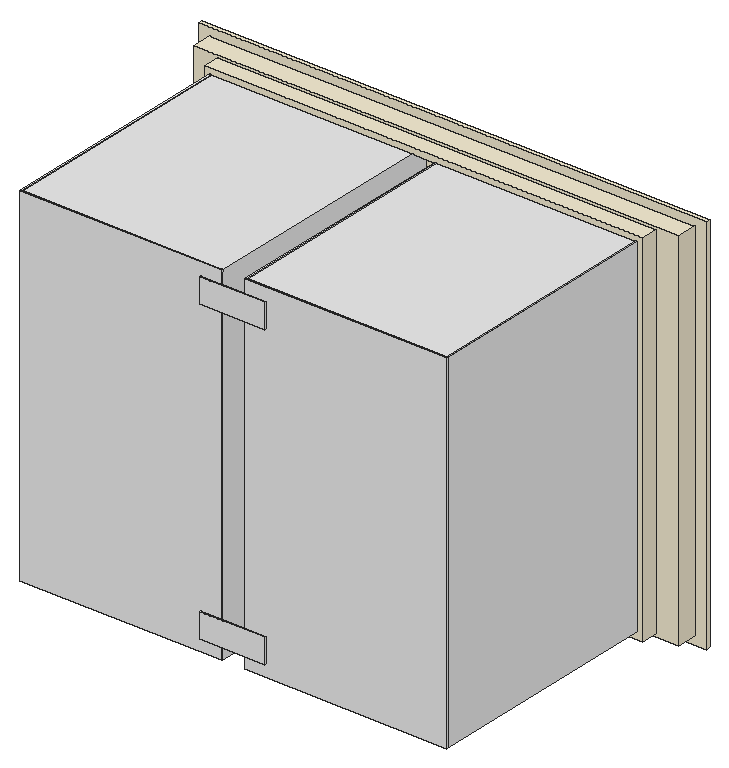
Revit family "4C-6_Door_High_Units_FL.rfa", category Specialty Equipment, host Wall, Revit 2016 (continued)
Definition of nested family "3700 Series 4C OM2 Configuration"
  Automatic sketch dimensions
    plane 24 to Extrusion 12 sketch curve = 0.000"
    Extrusion 12 sketch curve to plane 22 "Mail Plate Bottom" = 0.000"
    Extrusion 12 sketch curve to plane 21 "Mail Plate Top" = 0.000"
    plane 23 to Extrusion 12 sketch curve = 0.000"
    plane 24 to Extrusion 12 sketch curve = 0.19922"  (x2)
    plane 18 "Top Stud Align" to Extrusion 12 sketch curve = 0.14478"
    Extrusion 12 sketch curve to plane 23 = 0.19922"
    Extrusion 13 sketch curve to plane 5 "Right Side Face of Door" = 0.000"
    Extrusion 13 sketch curve to plane 4 "Left Side Face of Door" = 0.000"
    Extrusion 13 sketch curve to plane 6 "Back Face of Door" = 0.000"
    Extrusion 13 sketch curve to plane 7 "Front Face of Door" = 0.193"
    Extrusion 14 sketch curve to plane 30 "Bottom of Mail Slot" = 0.000"
    plane 32 "Right Edge of Mail Slot" to Extrusion 14 sketch curve = 0.375"
    Extrusion 14 sketch curve to plane 31 "Left Edge of Mail Slot" = 0.375"
    Extrusion 15 sketch curve to plane 35 = 0.000"
    Extrusion 15 sketch curve to plane 33 "Mail Slot Bottom Protusion" = 0.000"
    Extrusion 15 sketch curve to plane 34 = 0.000"
    Extrusion 15 sketch curve to plane 27 "Top of Mail Drop Divider" = 0.000"
    Extrusion 15 sketch curve to plane 6 "Back Face of Door" = 0.000"
    plane 26 "Top of Mail Drop Door" to Extrusion 15 sketch curve = 0.07158"
    Extrusion 15 sketch curve to plane 34 = 0.24578"
    plane 26 "Top of Mail Drop Door" to Extrusion 15 sketch curve = 0.09984"
    Extrusion 15 sketch curve to Extrusion 15 sketch curve = 0.01632"
    plane 37 to Extrusion 15 sketch curve = 0.05062"
    Extrusion 15 sketch curve to plane 33 "Mail Slot Bottom Protusion" = 0.01599"
    plane 33 "Mail Slot Bottom Protusion" to Extrusion 15 sketch curve = 0.01227"
    plane 36 "Front of Awning" to Extrusion 15 sketch curve = 0.17915"
    plane 35 to Extrusion 15 sketch curve = 0.02246"
    Extrusion 15 sketch curve to Extrusion 15 sketch curve = 0.0724"
    plane 36 "Front of Awning" to Extrusion 15 sketch curve = 0.04696"
    plane 36 "Front of Awning" to Extrusion 15 sketch curve = 0.02469"
    plane 36 "Front of Awning" to Extrusion 15 sketch curve = 0.00781"
    Extrusion 15 sketch curve to Extrusion 15 sketch curve = 0.05983"
    Extrusion 4 sketch curve to plane 9 = 0.000"
    plane 11 "Center Lock Vertical" to Extrusion 4 sketch curve = 0.000"
    Extrusion 3 sketch curve to plane 9 = 0.000"
    plane 11 "Center Lock Vertical" to Extrusion 3 sketch curve = 0.000"
    radius of Blend 6 sketch curve = 0.15665"
    radius of Blend 6 sketch curve = 0.3125"
    radius of Blend 7 sketch curve = 0.15665"
    radius of Blend 7 sketch curve = 0.3125"
    radius of Blend 8 sketch curve = 0.15665"
    radius of Blend 8 sketch curve = 0.3125"
    radius of Blend 9 sketch curve = 0.15665"
    radius of Blend 9 sketch curve = 0.3125"
    radius of Blend 10 sketch curve = 0.15665"
    radius of Blend 10 sketch curve = 0.3125"
    radius of Blend 11 sketch curve = 0.15665"
    radius of Blend 11 sketch curve = 0.3125"
    radius of Extrusion 4 sketch curve = 0.42913"
    radius of Extrusion 3 sketch curve = 0.4375"
Definition of nested family "4C Latch Lock-Right"
  Parameters (values of type "Lock Latch")
    Width = 1.750"
    Type Comments = "Lock Latch for Aluminum Mailboxes"
    Visible Latch = yes
    Manufacturer = "Salsbury Industries"
    Height = 1.375"
    Depth = 0.244"
    Back Enclosure Material = none
  Reference planes (in)
    plane 1 "Center (Front/Back)": y = 0
    plane 2 "left": z = 0
    plane 3 "Center (Left/Right)": x = 0
    plane 4 "top": x = -0.875
    plane 5 "bottom": x = 0.875
    plane 6 "Front": y = 0.122
    plane 7 "Back": y = -0.122
    plane 8 "Vertical Center": z = 0.6875
    plane 9 "right": z = 1.375
    plane 10: x = -1
    plane 11: x = -1.125
  Forms (in)
    Extrusion 1, solid, material <- "Back Enclosure Material", visible <- "Visible Latch"
      sketch origin (-0.67187, 0, 0.67188) x (0, 0, -1) y (0, 1, 0)
        loop
          line (-0.22131, -0.0902) -> (-0.70312, -0.0902) -> (-0.70312, -0.12209) -> (-0.22129, -0.12209)
          arc (-0.22129, -0.12209) -> (-0.1389, -0.08579) -> (-0.11009, -0.00048) r 0.11165
          arc (-0.11009, -0.00048) -> (-0.01599, 0.09362) -> (0.07812, -0.00048) r 0.09411
          arc (0.07812, -0.00048) -> (0.10866, -0.08591) -> (0.19189, -0.122) r 0.11401
          line (0.19189, -0.122) -> (0.67187, -0.122) -> (0.67187, -0.08954) -> (0.19205, -0.08954)
          arc (0.19205, -0.08954) -> (0.13091, -0.06294) -> (0.10869, -0.00006) r 0.08357
          arc (0.10869, -0.00006) -> (-0.01625, 0.12487) -> (-0.14118, -0.00006) r 0.12494
          arc (-0.14118, -0.00006) -> (-0.16101, -0.06312) -> (-0.22131, -0.0902) r 0.08069
      from -0.20313 to 1.54687
    Extrusion 2, void
      sketch origin (-0.86719, 0.122, 0.78906) x (0, 0, -1) y (1, 0, 0)
        loop
          line (0.02064, 1.43976) -> (0.02064, 0.31562) -> (0.29045, 0.31562) -> (0.29045, 0.47278) -> (0.12796, 0.47278) -> (0.12796, 1.28526) -> (0.27447, 1.28526) -> (0.27447, 1.43976) -> (0.02064, 1.43976)
      from -0.01091 to 0.1442
    Blend 3, solid, material <- "Back Enclosure Material", visible <- "Visible Latch"
      base sketch origin (-0.95312, 0.122, 0.96875) x (0, 0, -1) y (1, 0, 0)
        loop
          circle (-0.1252, 1.55349) r 0.1
      top sketch origin (-0.95312, 0.122, 0.96875) x (0, 0, -1) y (1, 0, 0)
        loop
          circle (-0.1252, 1.55349) r 0.215
      from 0.16742 to 0.21154
    Blend 4, solid, material <- "Back Enclosure Material", visible <- "Visible Latch"
      base sketch origin (-0.95312, 0.122, -0.54015) x (0, 0, -1) y (1, 0, 0)
        loop
          circle (-0.8037, 1.55349) r 0.1
      top sketch origin (-0.95312, 0.122, -0.54015) x (0, 0, -1) y (1, 0, 0)
        loop
          circle (-0.8037, 1.55349) r 0.215
      from 0.16742 to 0.21154
    Blend 5, solid, material <- "Back Enclosure Material", visible <- "Visible Latch"
      base sketch origin (-1.95312, 0.122, 0.96875) x (0, 0, -1) y (1, 0, 0)
        loop
          circle (-0.1252, 1.36599) r 0.1
      top sketch origin (-1.95312, 0.122, 0.96875) x (0, 0, -1) y (1, 0, 0)
        loop
          circle (-0.1252, 1.36599) r 0.215
      from 0.16742 to 0.21154
    Blend 6, solid, material <- "Back Enclosure Material", visible <- "Visible Latch"
      base sketch origin (-1.95312, 0.122, -0.55578) x (0, 0, -1) y (1, 0, 0)
        loop
          circle (-0.8037, 1.36599) r 0.1
      top sketch origin (-1.95312, 0.122, -0.55578) x (0, 0, -1) y (1, 0, 0)
        loop
          circle (-0.8037, 1.36599) r 0.215
      from 0.16742 to 0.21154
    Extrusion 7, solid, material <- "Back Enclosure Material", visible <- "Visible Latch"
      sketch origin (-1.22585, -7.77812, 0.87452) x (0, 0, -1) y (0, 1, 0)
        loop
          circle (0.18702, 7.77784) r 0.09014
      from 0.10085 to 2.10085
    Extrusion 8, solid, material <- "Back Enclosure Material", visible <- "Visible Latch"
      sketch origin (-0.59584, -7.78798, 0.67188) x (1, 0, 0) y (0, 1, 0)
        loop
          circle (0.12087, 7.81979) r 0.05
      from 0.01562 to -0.5
    Extrusion 9, solid, material <- "Back Enclosure Material", visible <- "Visible Latch"
      sketch origin (-1.09375, -0.02845, 1.02999) x (0, 0, -1) y (1, 0, 0)
        loop
          line (0.68574, 0.09375) -> (0.68574, 0.12475) -> (-0.00176, 0.12475) -> (-0.00176, 0.09375) -> (0.68574, 0.09375)
      from -0.25 to 0.09355
    Extrusion 10, void
      sketch origin (-0.969, -7.77845, 0.87437) x (0, 0, -1) y (0, -1, 0)
        loop
          circle (0.18637, -7.77776) r 0.09325
      from 0 to 0.031
  Cuts and joins
    Extrusion 2 cuts Extrusion 1
    Extrusion 10 cuts Extrusion 9
  Dimensions and locks (in)
    equal spacing: plane 7 "Back", plane 1 "Center (Front/Back)", plane 6 "Front"
    "Depth": plane 7 "Back" to plane 6 "Front"
    equal spacing: plane 4 "top", plane 3 "Center (Left/Right)", plane 5 "bottom"
    "Width": plane 4 "top" to plane 5 "bottom"
    equal spacing: plane 9 "right", plane 8 "Vertical Center", plane 2 "left"
    "Height": plane 9 "right" to plane 2 "left"
    plane 10 to plane 4 "top" = 0.125"
    plane 11 to plane 4 "top" = 0.250"
    plane 10 to plane 11 = 0.125"
    aligned and locked: level to plane 2 "left"
  Automatic sketch dimensions
    Extrusion 1 sketch curve to plane 7 "Back" = 0.000"
    Extrusion 1 sketch curve to plane 7 "Back" = 0.0318"
    plane 9 "right" to Extrusion 1 sketch curve = 0.000"
    Extrusion 1 sketch curve to plane 8 "Vertical Center" = 0.20569"
    plane 7 "Back" to Extrusion 1 sketch curve = 0.00009"
    Extrusion 1 sketch curve to plane 8 "Vertical Center" = 0.20567"
    plane 1 "Center (Front/Back)" to Extrusion 1 sketch curve = 0.00006"
    Extrusion 1 sketch curve to plane 8 "Vertical Center" = 0.00062"
    Extrusion 1 sketch curve to Extrusion 1 sketch curve = 0.00026"
    Extrusion 1 sketch curve to Extrusion 1 sketch curve = 0.20788"
    Extrusion 1 sketch curve to Extrusion 1 sketch curve = 0.00016"
    Extrusion 1 sketch curve to level = 0.000"
    Extrusion 1 sketch curve to plane 7 "Back" = 0.03246"
    plane 1 "Center (Front/Back)" to Extrusion 1 sketch curve = 0.01045"
    Extrusion 1 sketch curve to Extrusion 1 sketch curve = 0.00094"
    Extrusion 1 sketch curve to Extrusion 1 sketch curve = 0.00201"
    Extrusion 2 sketch curve to plane 8 "Vertical Center" = 0.08092"
    plane 5 "bottom" to Extrusion 2 sketch curve = 0.45693"
    plane 8 "Vertical Center" to Extrusion 2 sketch curve = 0.0264"
    Extrusion 2 sketch curve to Extrusion 2 sketch curve = 0.16249"
    Extrusion 2 sketch curve to Extrusion 2 sketch curve = 0.14651"
    Extrusion 2 sketch curve to plane 3 "Center (Left/Right)" = 0.3944"
    Extrusion 2 sketch curve to plane 4 "top" = 0.32343"
    plane 5 "bottom" to Extrusion 2 sketch curve = 0.30243"
    plane 5 "bottom" to Blend 3 sketch curve = 0.27463"  (x2)
    Blend 3 sketch curve to plane 8 "Vertical Center" = 0.40645"  (x2)
    plane 5 "bottom" to Blend 4 sketch curve = 0.27463"  (x2)
    level to Blend 4 sketch curve = 0.26355"  (x2)
    Blend 5 sketch curve to plane 8 "Vertical Center" = 0.40645"  (x2)
    Blend 5 sketch curve to plane 3 "Center (Left/Right)" = 0.58713"  (x2)
    level to Blend 6 sketch curve = 0.24792"  (x2)
    Blend 6 sketch curve to plane 3 "Center (Left/Right)" = 0.58713"  (x2)
    plane 1 "Center (Front/Back)" to Extrusion 7 sketch curve = 0.00028"
    plane 8 "Vertical Center" to Extrusion 7 sketch curve = 0.000"
    Extrusion 8 sketch curve to plane 1 "Center (Front/Back)" = 0.03181"
    Extrusion 8 sketch curve to plane 4 "top" = 0.40003"
    Extrusion 9 sketch curve to plane 8 "Vertical Center" = 0.34425"
    level to Extrusion 9 sketch curve = 0.34425"
    plane 4 "top" to Extrusion 9 sketch curve = 0.125"
    Extrusion 9 sketch curve to Extrusion 9 sketch curve = 0.031"
    plane 1 "Center (Front/Back)" to Extrusion 10 sketch curve = 0.0007"
    Extrusion 10 sketch curve to plane 8 "Vertical Center" = 0.0005"
    radius of Blend 3 sketch curve = 0.100"
    radius of Blend 3 sketch curve = 0.215"
    radius of Blend 4 sketch curve = 0.100"
    radius of Blend 4 sketch curve = 0.215"
    radius of Blend 5 sketch curve = 0.100"
    radius of Blend 5 sketch curve = 0.215"
    radius of Blend 6 sketch curve = 0.100"
    radius of Blend 6 sketch curve = 0.215"
    radius of Extrusion 7 sketch curve = 0.09014"
    radius of Extrusion 8 sketch curve = 0.050"
    radius of Extrusion 10 sketch curve = 0.09325"
Definition of nested family "4C Latch Lock-Left"
  Parameters (values of type "Lock Latch")
    Width = 1.750"
    Type Comments = "Lock Latch for Aluminum Mailboxes"
    Visible Latch = yes
    Manufacturer = "Salsbury Industries"
    Height = 1.375"
    Depth = 0.244"
    Back Enclosure Material = none
  Reference planes (in)
    plane 1 "Center (Front/Back)": y = 0
    plane 2 "left": z = 0
    plane 3 "Center (Left/Right)": x = 0
    plane 4 "top": x = -0.875
    plane 5 "bottom": x = 0.875
    plane 6 "Front": y = 0.122
    plane 7 "Back": y = -0.122
    plane 8 "Vertical Center": z = 0.6875
    plane 9 "right": z = 1.375
    plane 10: x = 1
    plane 11: x = 1.125
  Forms (in)
    Extrusion 1, solid, material <- "Back Enclosure Material", visible <- "Visible Latch"
      sketch origin (-0.67187, 0, 0.67188) x (0, 0, -1) y (0, 1, 0)
        loop
          line (-0.22131, -0.0902) -> (-0.70312, -0.0902) -> (-0.70312, -0.12209) -> (-0.22129, -0.12209)
          arc (-0.22129, -0.12209) -> (-0.1389, -0.08579) -> (-0.11009, -0.00048) r 0.11165
          arc (-0.11009, -0.00048) -> (-0.01599, 0.09362) -> (0.07812, -0.00048) r 0.09411
          arc (0.07812, -0.00048) -> (0.10866, -0.08591) -> (0.19189, -0.122) r 0.11401
          line (0.19189, -0.122) -> (0.67187, -0.122) -> (0.67187, -0.08954) -> (0.19205, -0.08954)
          arc (0.19205, -0.08954) -> (0.13091, -0.06294) -> (0.10869, -0.00006) r 0.08357
          arc (0.10869, -0.00006) -> (-0.01625, 0.12487) -> (-0.14118, -0.00006) r 0.12494
          arc (-0.14118, -0.00006) -> (-0.16101, -0.06312) -> (-0.22131, -0.0902) r 0.08069
      from -0.20313 to 1.54687
    Extrusion 2, void
      sketch origin (-0.86719, 0.122, 0.78906) x (0, 0, -1) y (1, 0, 0)
        loop
          line (0.02064, 1.43976) -> (0.02064, 0.31562) -> (0.29045, 0.31562) -> (0.29045, 0.47278) -> (0.12796, 0.47278) -> (0.12796, 1.28526) -> (0.27447, 1.28526) -> (0.27447, 1.43976) -> (0.02064, 1.43976)
      from -0.01091 to 0.1442
    Blend 3, solid, material <- "Back Enclosure Material", visible <- "Visible Latch"
      base sketch origin (-0.95312, 0.122, 0.96875) x (0, 0, -1) y (1, 0, 0)
        loop
          circle (-0.1252, 1.55349) r 0.1
      top sketch origin (-0.95312, 0.122, 0.96875) x (0, 0, -1) y (1, 0, 0)
        loop
          circle (-0.1252, 1.55349) r 0.215
      from 0.16742 to 0.21154
    Blend 4, solid, material <- "Back Enclosure Material", visible <- "Visible Latch"
      base sketch origin (-0.95312, 0.122, -0.54015) x (0, 0, -1) y (1, 0, 0)
        loop
          circle (-0.8037, 1.55349) r 0.1
      top sketch origin (-0.95312, 0.122, -0.54015) x (0, 0, -1) y (1, 0, 0)
        loop
          circle (-0.8037, 1.55349) r 0.215
      from 0.16742 to 0.21154
    Blend 5, solid, material <- "Back Enclosure Material", visible <- "Visible Latch"
      base sketch origin (-1.95312, 0.122, 0.96875) x (0, 0, -1) y (1, 0, 0)
        loop
          circle (-0.1252, 1.36599) r 0.1
      top sketch origin (-1.95312, 0.122, 0.96875) x (0, 0, -1) y (1, 0, 0)
        loop
          circle (-0.1252, 1.36599) r 0.215
      from 0.16742 to 0.21154
    Blend 6, solid, material <- "Back Enclosure Material", visible <- "Visible Latch"
      base sketch origin (-1.95312, 0.122, -0.55578) x (0, 0, -1) y (1, 0, 0)
        loop
          circle (-0.8037, 1.36599) r 0.1
      top sketch origin (-1.95312, 0.122, -0.55578) x (0, 0, -1) y (1, 0, 0)
        loop
          circle (-0.8037, 1.36599) r 0.215
      from 0.16742 to 0.21154
    Extrusion 7, solid, material <- "Back Enclosure Material", visible <- "Visible Latch"
      sketch origin (-1.22585, -7.77812, 0.87452) x (0, 0, -1) y (0, 1, 0)
        loop
          circle (0.18702, 7.77784) r 0.09014
      from 0.35085 to 2.35085
    Extrusion 8, solid, material <- "Back Enclosure Material", visible <- "Visible Latch"
      sketch origin (0.37291, -7.78798, 0.67188) x (1, 0, 0) y (0, 1, 0)
        loop
          circle (0.12087, 7.81979) r 0.05
      from 0.01562 to -0.5
    Extrusion 9, solid, material <- "Back Enclosure Material", visible <- "Visible Latch"
      sketch origin (0.87525, -0.02845, 1.02999) x (0, 0, -1) y (1, 0, 0)
        loop
          line (0.68574, 0.09375) -> (0.68574, 0.12475) -> (-0.00176, 0.12475) -> (-0.00176, 0.09375) -> (0.68574, 0.09375)
      from -0.25 to 0.09355
    Extrusion 10, void
      sketch origin (1, -7.77845, 0.87437) x (0, 0, -1) y (0, -1, 0)
        loop
          circle (0.18637, -7.77776) r 0.09325
      from 0 to 0.031
  Cuts and joins
    Extrusion 2 cuts Extrusion 1
    Extrusion 10 cuts Extrusion 9
  Dimensions and locks (in)
    equal spacing: plane 7 "Back", plane 1 "Center (Front/Back)", plane 6 "Front"
    "Depth": plane 7 "Back" to plane 6 "Front"
    equal spacing: plane 4 "top", plane 3 "Center (Left/Right)", plane 5 "bottom"
    "Width": plane 4 "top" to plane 5 "bottom"
    equal spacing: plane 9 "right", plane 8 "Vertical Center", plane 2 "left"
    "Height": plane 9 "right" to plane 2 "left"
    plane 4 "top" to plane 10 = 1.875"
    plane 5 "bottom" to plane 11 = 0.250"
    plane 11 to plane 10 = 0.125"
    aligned and locked: level to plane 2 "left"
  Automatic sketch dimensions
    Extrusion 1 sketch curve to plane 7 "Back" = 0.000"
    Extrusion 1 sketch curve to plane 7 "Back" = 0.0318"
    plane 9 "right" to Extrusion 1 sketch curve = 0.000"
    Extrusion 1 sketch curve to plane 8 "Vertical Center" = 0.20569"
    plane 7 "Back" to Extrusion 1 sketch curve = 0.00009"
    Extrusion 1 sketch curve to plane 8 "Vertical Center" = 0.20567"
    plane 1 "Center (Front/Back)" to Extrusion 1 sketch curve = 0.00006"
    Extrusion 1 sketch curve to plane 8 "Vertical Center" = 0.00062"
    Extrusion 1 sketch curve to Extrusion 1 sketch curve = 0.00026"
    Extrusion 1 sketch curve to Extrusion 1 sketch curve = 0.20788"
    Extrusion 1 sketch curve to Extrusion 1 sketch curve = 0.00016"
    Extrusion 1 sketch curve to level = 0.000"
    Extrusion 1 sketch curve to plane 7 "Back" = 0.03246"
    plane 1 "Center (Front/Back)" to Extrusion 1 sketch curve = 0.01045"
    Extrusion 1 sketch curve to Extrusion 1 sketch curve = 0.00094"
    Extrusion 1 sketch curve to Extrusion 1 sketch curve = 0.00201"
    Extrusion 2 sketch curve to plane 8 "Vertical Center" = 0.08092"
    plane 5 "bottom" to Extrusion 2 sketch curve = 0.45693"
    plane 8 "Vertical Center" to Extrusion 2 sketch curve = 0.0264"
    Extrusion 2 sketch curve to Extrusion 2 sketch curve = 0.16249"
    Extrusion 2 sketch curve to Extrusion 2 sketch curve = 0.14651"
    Extrusion 2 sketch curve to plane 3 "Center (Left/Right)" = 0.3944"
    Extrusion 2 sketch curve to plane 4 "top" = 0.32343"
    plane 5 "bottom" to Extrusion 2 sketch curve = 0.30243"
    plane 5 "bottom" to Blend 3 sketch curve = 0.27463"  (x2)
    Blend 3 sketch curve to plane 8 "Vertical Center" = 0.40645"  (x2)
    plane 5 "bottom" to Blend 4 sketch curve = 0.27463"  (x2)
    level to Blend 4 sketch curve = 0.26355"  (x2)
    Blend 5 sketch curve to plane 8 "Vertical Center" = 0.40645"  (x2)
    Blend 5 sketch curve to plane 3 "Center (Left/Right)" = 0.58713"  (x2)
    level to Blend 6 sketch curve = 0.24792"  (x2)
    Blend 6 sketch curve to plane 3 "Center (Left/Right)" = 0.58713"  (x2)
    plane 1 "Center (Front/Back)" to Extrusion 7 sketch curve = 0.00028"
    plane 8 "Vertical Center" to Extrusion 7 sketch curve = 0.000"
    Extrusion 8 sketch curve to plane 1 "Center (Front/Back)" = 0.03181"
    Extrusion 8 sketch curve to plane 4 "top" = 1.36878"
    Extrusion 9 sketch curve to plane 8 "Vertical Center" = 0.34425"
    level to Extrusion 9 sketch curve = 0.34425"
    Extrusion 9 sketch curve to plane 4 "top" = 1.844"
    Extrusion 9 sketch curve to Extrusion 9 sketch curve = 0.031"
    plane 1 "Center (Front/Back)" to Extrusion 10 sketch curve = 0.0007"
    Extrusion 10 sketch curve to plane 8 "Vertical Center" = 0.0005"
    radius of Blend 3 sketch curve = 0.100"
    radius of Blend 3 sketch curve = 0.215"
    radius of Blend 4 sketch curve = 0.100"
    radius of Blend 4 sketch curve = 0.215"
    radius of Blend 5 sketch curve = 0.100"
    radius of Blend 5 sketch curve = 0.215"
    radius of Blend 6 sketch curve = 0.100"
    radius of Blend 6 sketch curve = 0.215"
    radius of Extrusion 7 sketch curve = 0.09014"
    radius of Extrusion 8 sketch curve = 0.050"
    radius of Extrusion 10 sketch curve = 0.09325"
Types (13): name | Width | Vertical Center Divider | Type Comments | Top Back Plate | Right Inside Wall | Model | Left Inside Wall | Latch Alignment | Door Slot R6 Number | Door Slot R6 | Door Slot R5 Number | Door Slot R5 | Door Slot R4 | Door Slot R2 Number | Door Slot R2 | Door Slot R1 Number | Door Slot R1 | Door Slot L6 Number | Door Slot L6 | Door Slot L5 Number | Door Slot L5 | Door Slot L4 Number | Door Slot L4 | Door Slot L3 Number | Door Slot L3 | Door Slot L2 Number | Door Slot L2 | Door Slot L1 Number | Door Slot L1 | Description | Center Extrusion Offset | Bottom Back Plate
  3706D-10 FL | 31.09766" | yes | "4C Standard Horizontal Mailbox - Front Loading" | yes | yes | "3706D-10 FL" | yes | 14.85742" | "10" | 3700 Series 4C Door Configurations : MB1 Door w/ Divider | "9" | 3700 Series 4C Door Configurations : MB1 Door w/ Divider | 3700 Series 4C OM2 Configuration : OM2-FL | "8" | 3700 Series 4C Door Configurations : MB1 Door w/ Divider | "7" | 3700 Series 4C Door Configurations : MB1 Door | "6" | 3700 Series 4C Door Configurations : MB1 Door w/ Divider | "5" | 3700 Series 4C Door Configurations : MB1 Door w/ Divider | "4" | 3700 Series 4C Door Configurations : MB1 Door w/ Divider | "3" | 3700 Series 4C Door Configurations : MB1 Door w/ Divider | "2" | 3700 Series 4C Door Configurations : MB1 Door w/ Divider | "1" | 3700 Series 4C Door Configurations : MB1 Door | "6 Door High Unit: 10 MB1, OM2" | 0.000" | yes
  3706S-04 FL | 16.34375" | no | "4C Standard Horizontal Mailbox - Front Loading" | no | no | "3706S-04 FL" | no | 13.876" | "4" | 3700 Series 4C Door Configurations : MB1 Door w/ Divider | "3" | 3700 Series 4C Door Configurations : MB1 Door w/ Divider | 3700 Series 4C OM2 Configuration : OM2-FL | "2" | 3700 Series 4C Door Configurations : MB1 Door w/ Divider | "1" | 3700 Series 4C Door Configurations : MB1 Door | "0" | 3700 Series 4C Door Configurations : Empty | "0" | 3700 Series 4C Door Configurations : Empty | "0" | 3700 Series 4C Door Configurations : Empty | "0" | 3700 Series 4C Door Configurations : Empty | "0" | 3700 Series 4C Door Configurations : Empty | "0" | 3700 Series 4C Door Configurations : Empty | "6 Door High Unit: 4 MB1, OM2" | 48.000" | no
  3706S-02 FL | 16.34375" | no | "4C Standard Horizontal Mailbox - Front Loading" | no | no | "3706S-02 FL" | no | 13.876" | "2" | 3700 Series 4C Door Configurations : MB2 Door w/ Divider | "0" | 3700 Series 4C Door Configurations : Empty | 3700 Series 4C OM2 Configuration : OM2-FL | "1" | 3700 Series 4C Door Configurations : MB2 Door | "0" | 3700 Series 4C Door Configurations : Empty | "0" | 3700 Series 4C Door Configurations : Empty | "0" | 3700 Series 4C Door Configurations : Empty | "0" | 3700 Series 4C Door Configurations : Empty | "0" | 3700 Series 4C Door Configurations : Empty | "0" | 3700 Series 4C Door Configurations : Empty | "0" | 3700 Series 4C Door Configurations : Empty | "6 Door High Unit: 2 MB2, OM2" | 48.000" | no
  3706S-01 FL | 16.34375" | no | "4C Standard Horizontal Mailbox - Front Loading" | no | no | "3706S-01 FL" | no | 13.876" | "1" | 3700 Series 4C Door Configurations : MB4 Door w/ Divider | "0" | 3700 Series 4C Door Configurations : Empty | 3700 Series 4C Door Configurations : Empty | "0" | 3700 Series 4C OM2 Configuration : OM2-FL | "0" | 3700 Series 4C Door Configurations : Empty | "0" | 3700 Series 4C Door Configurations : Empty | "0" | 3700 Series 4C Door Configurations : Empty | "0" | 3700 Series 4C Door Configurations : Empty | "0" | 3700 Series 4C Door Configurations : Empty | "0" | 3700 Series 4C Door Configurations : Empty | "0" | 3700 Series 4C Door Configurations : Empty | "6 Door High Unit: 1 MB4, OM2" | 48.000" | no
  3706S-1P FL | 16.34375" | no | "4C Standard Horizontal Mailbox - Front Loading" | no | no | "3706S-1P FL" | no | 13.876" | "1P" | 3700 Series 4C Parcel Configurations : PL6 | "0" | 3700 Series 4C Door Configurations : Empty | 3700 Series 4C Door Configurations : Empty | "0" | 3700 Series 4C Door Configurations : Empty | "0" | 3700 Series 4C Door Configurations : Empty | "0" | 3700 Series 4C Door Configurations : Empty | "0" | 3700 Series 4C Door Configurations : Empty | "0" | 3700 Series 4C Door Configurations : Empty | "0" | 3700 Series 4C Door Configurations : Empty | "0" | 3700 Series 4C Door Configurations : Empty | "0" | 3700 Series 4C Door Configurations : Empty | "6 Door High Unit: 1 PL6" | 48.000" | no
  3706D-09 FL | 31.09766" | yes | "4C Standard Horizontal Mailbox - Front Loading" | yes | yes | "3706D-09 FL" | yes | 14.85742" | "9" | 3700 Series 4C Door Configurations : MB1 Door w/ Divider | "0" | 3700 Series 4C OM3 Configuration : OM3-FL | 3700 Series 4C Door Configurations : Empty | "8" | 3700 Series 4C Door Configurations : MB1 Door w/ Divider | "7" | 3700 Series 4C Door Configurations : MB1 Door | "6" | 3700 Series 4C Door Configurations : MB1 Door w/ Divider | "5" | 3700 Series 4C Door Configurations : MB1 Door w/ Divider | "4" | 3700 Series 4C Door Configurations : MB1 Door w/ Divider | "3" | 3700 Series 4C Door Configurations : MB1 Door w/ Divider | "2" | 3700 Series 4C Door Configurations : MB1 Door w/ Divider | "1" | 3700 Series 4C Door Configurations : MB1 Door | "6 Door High Unit: 9 MB1, OM3" | 0.000" | yes
  3706D-06 FL | 31.09766" | yes | "4C Standard Horizontal Mailbox - Front Loading" | yes | yes | "3706D-06 FL" | yes | 14.85742" | "6" | 3700 Series 4C Door Configurations : MB1 Door w/ Divider | "5" | 3700 Series 4C Door Configurations : MB1 Door w/ Divider | 3700 Series 4C OM2 Configuration : OM2-FL | "4" | 3700 Series 4C Door Configurations : MB1 Door w/ Divider | "3" | 3700 Series 4C Door Configurations : MB1 Door | "1P" | 3700 Series 4C Parcel Configurations : PL4 w/ Divider | "0" | 3700 Series 4C Door Configurations : Empty | "0" | 3700 Series 4C Door Configurations : Empty | "0" | 3700 Series 4C Door Configurations : Empty | "2" | 3700 Series 4C Door Configurations : MB1 Door w/ Divider | "1" | 3700 Series 4C Door Configurations : MB1 Door | "6 Door High Unit: 6 MB1, 1 PL4, OM2" | 0.000" | yes
  3706DA-05 FL | 31.09766" | yes | "4C Standard Horizontal Mailbox - Front Loading" | yes | yes | "3706DA-05 FL" | yes | 14.85742" | "5" | 3700 Series 4C Door Configurations : MB1 Door w/ Divider | "4" | 3700 Series 4C Door Configurations : MB1 Door w/ Divider | 3700 Series 4C OM2 Configuration : OM2-FL | "3" | 3700 Series 4C Door Configurations : MB1 Door w/ Divider | "2" | 3700 Series 4C Door Configurations : MB1 Door | "1P" | 3700 Series 4C Parcel Configurations : PL5 w/ Divider | "0" | 3700 Series 4C Door Configurations : Empty | "0" | 3700 Series 4C Door Configurations : Empty | "0" | 3700 Series 4C Door Configurations : Empty | "0" | 3700 Series 4C Door Configurations : Empty | "1" | 3700 Series 4C Door Configurations : MB1 Door | "6 Door High Unit: 5 MB1, 1 PL5, OM2" | 0.000" | yes
  3706D-05 FL | 31.09766" | yes | "4C Standard Horizontal Mailbox - Front Loading" | yes | yes | "3706D-05 FL" | yes | 14.85742" | "5" | 3700 Series 4C Door Configurations : MB2 Door w/ Divider | "0" | 3700 Series 4C Door Configurations : Empty | 3700 Series 4C OM2 Configuration : OM2-FL | "4" | 3700 Series 4C Door Configurations : MB2 Door | "0" | 3700 Series 4C Door Configurations : Empty | "3" | 3700 Series 4C Door Configurations : MB2 Door w/ Divider | "0" | 3700 Series 4C Door Configurations : Empty | "2" | 3700 Series 4C Door Configurations : MB2 Door w/ Divider | "0" | 3700 Series 4C Door Configurations : Empty | "1" | 3700 Series 4C Door Configurations : MB2 Door | "0" | 3700 Series 4C Door Configurations : Empty | "6 Door High Unit: 5 MB2, OM2" | 0.000" | yes
  3706D-04 FL | 31.09766" | yes | "4C Standard Horizontal Mailbox - Front Loading" | yes | yes | "3706D-04 FL" | yes | 14.85742" | "4" | 3700 Series 4C Door Configurations : MB1 Door w/ Divider | "3" | 3700 Series 4C Door Configurations : MB1 Door w/ Divider | 3700 Series 4C OM2 Configuration : OM2-FL | "2" | 3700 Series 4C Door Configurations : MB1 Door w/ Divider | "1" | 3700 Series 4C Door Configurations : MB1 Door | "1P" | 3700 Series 4C Parcel Configurations : PL6 | "0" | 3700 Series 4C Door Configurations : Empty | "0" | 3700 Series 4C Door Configurations : Empty | "0" | 3700 Series 4C Door Configurations : Empty | "0" | 3700 Series 4C Door Configurations : Empty | "0" | 3700 Series 4C Door Configurations : Empty | "6 Door High Unit: 4 MB1, 1 PL6, OM2" | 0.000" | yes
  3706D-02 FL | 31.09766" | yes | "4C Standard Horizontal Mailbox - Front Loading" | yes | yes | "3706D-02 FL" | yes | 14.85742" | "2" | 3700 Series 4C Door Configurations : MB2 Door w/ Divider | "0" | 3700 Series 4C Door Configurations : Empty | 3700 Series 4C OM2 Configuration : OM2-FL | "1" | 3700 Series 4C Door Configurations : MB2 Door | "0" | 3700 Series 4C Door Configurations : Empty | "1P" | 3700 Series 4C Parcel Configurations : PL6 | "0" | 3700 Series 4C Door Configurations : Empty | "0" | 3700 Series 4C Door Configurations : Empty | "0" | 3700 Series 4C Door Configurations : Empty | "0" | 3700 Series 4C Door Configurations : Empty | "0" | 3700 Series 4C Door Configurations : Empty | "6 Door High Unit: 2 MB2, 1 PL6, OM2" | 0.000" | yes
  3706D-2P FL | 31.09766" | yes | "4C Standard Horizontal Mailbox - Front Loading" | yes | yes | "3706D-2P FL" | yes | 14.85742" | "2P" | 3700 Series 4C Parcel Configurations : PL6 | "0" | 3700 Series 4C Door Configurations : Empty | 3700 Series 4C Door Configurations : Empty | "0" | 3700 Series 4C Door Configurations : Empty | "0" | 3700 Series 4C Door Configurations : Empty | "1P" | 3700 Series 4C Parcel Configurations : PL6 | "0" | 3700 Series 4C Door Configurations : Empty | "0" | 3700 Series 4C Door Configurations : Empty | "0" | 3700 Series 4C Door Configurations : Empty | "0" | 3700 Series 4C Door Configurations : Empty | "0" | 3700 Series 4C Door Configurations : Empty | "6 Door High Unit: 2 PL6" | 0.000" | yes
  3706S-1B FL | 16.34375" | no | "4C Horizontal Receptacle Bin - Front Loading" | no | no | "3706S-1B FL" | no | 13.876" | "0" | 4C-6 Door High Receptacle : 4C-6 Door High Receptacle | "0" | 3700 Series 4C Door Configurations : Empty | 3700 Series 4C Door Configurations : Empty | "0" | 3700 Series 4C Door Configurations : Empty | "0" | 3700 Series 4C Door Configurations : Empty | "0" | 3700 Series 4C Door Configurations : Empty | "0" | 3700 Series 4C Door Configurations : Empty | "0" | 3700 Series 4C Door Configurations : Empty | "0" | 3700 Series 4C Door Configurations : Empty | "0" | 3700 Series 4C Door Configurations : Empty | "0" | 3700 Series 4C Door Configurations : Empty | "6 Door High Unit - 1 Receptacle Bin" | 48.000" | no
